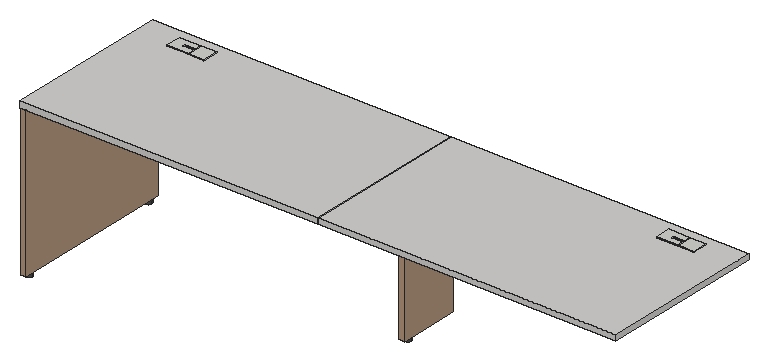
Revit family "Reception-Teknion-B_CWL_Main_Worksurface_with_One_Gable_Reception_Desk-R2019", category Furniture, Revit 2019
Family settings
  OmniClass Number = 23.40.20.00
  OmniClass Title = General Furniture and Specialties
  Work Plane-Based = No
  Always vertical = Yes
  Cut with Voids When Loaded = No
  Shared = Yes
  Room Calculation Point = No
Parameters (values of type "1" Thick WS, Both Ends Grommet")
  Worksurface Thickness = 1.016"
  Worksurface Finish [instance] = Foundation Laminate - Teknion - 2H - Soft Gris
  Warranty = "http://www.teknion.com/ca/papers/legal-canada"
  Unit Weight URL = "http://www.teknion.com/ca/tools/assets#&asset=bee6a381-b954-425e-8283-5a2de3a804f2,f828d448-4b62-4231-9e5f-9a8991c0ed77"
  URL = "www.teknion.com"
  To render please download texture images found here [instance] = "https://assets.teknion.com/web/5e81352c1dfdb467/revit-material-swatches/"
  Sustainability Data = "https://www.teknion.com/ca/tools/assets#&topic=216f99a5-57a0-44fc-b10a-9dee9b29ae4c&asset=444deb64-fe58-4b68-981e-f75e97781df7,b4ff2d81-9f2e-437d-9659-7cffb09c31cf"
  Split WS [instance] = Front Width > 85.000"  # yes
  Singular WS [instance] = Front Width < 85.000"  # no
  Series = "Expansion Casegoods"  # constant formula
  Product Page URL = "https://www.teknion.com/ca/products/product-details?productLineId=0053336e-8e7a-673b-a6c8-ff00004460c4"
  Product Line = "Expansion Casegoods"  # constant formula
  Product Documentation Link = "https://www.teknion.com/pricing/expansion-casegoods/pdfs/B_CWL_ppg.pdf"
  Part Number = "B_WCL"  # constant formula
  Model = "BDWCL____B_"
  Middle Gable [instance] = Front Width > 73.000"  # yes
  Manufacturer Phone = "416-661-3370"  # constant formula
  Manufacturer Fax = "416.661.4586"  # constant formula
  Manufacturer Contact Information = "http://www.teknion.com/ca/contactus"
  Manufacturer Address = "1150 Flint Road, Toronto, ON. M3J 2J5. Canada"  # constant formula
  Manufacturer = "Teknion"  # constant formula
  How To Use Teknion Materials User Guide [instance] = "https://assets.teknion.com/m/205dd0a49fa58060/original/How-to-add-a-Material-Library-and-Texture-Images-to-your-Revit-project.pdf"
  Has Centered Rectangular Grommet = no
  Has Both Ends = yes
  Grommet Finish [instance] = Paint - Teknion - Foundation - Soft Gris
  Gable Thickness = 1.016"
  Gable Finish [instance] = Source Laminate - Teknion - 3M - Provincial Oak
  Front Width [instance] = 108.000"
  For Additional Finishes please visit [instance] = "https://assets.teknion.com/m/44a8009b046e5d47/original/Teknion_Materials_Library.zip"
  Description = "Main Worksurface with One Gable - Reception Desk, 1\" Worksurface Thickness, Both Ends Grommet Option"
  Depth [instance] = 30.000"
  Available Widths [instance] = if(Has Centered Rectangular Grommet, "72, 90, 96, 102, 108, 114, 120, 126, 132, 138, or 144 inches.", "72, 78, 84, 90, 96, 102, 108, 114, 120, 126, 132, 138, or 144 inches.")  # "72, 78, 84, 90, 96, 102, 108, 114, 120, 126, 132, 138, or 144 inches."
  Available Depths [instance] = "20, 24, or 30 inches."  # constant formula
  Assembly Code = "E2020200"
  2D Connection Node Visibility [instance] = yes
Types (7): name | Worksurface Thickness | Model | Has Centered Rectangular Grommet | Has Both Ends | Gable Thickness | Description | Available Widths
  (no name) | 1.016" | "BDWCL____B_" | no | yes | 1.016" | "Main Worksurface with One Gable - Reception Desk, 1\" Worksurface Thickness, Both Ends Grommet Option" | "72, 78, 84, 90, 96, 102, 108, 114, 120, 126, 132, 138, or 144 inches."
  1" Thick WS, Centered Grommet | 1.016" | "BDWCL____C_" | yes | no | 1.016" | "Main Worksurface with One Gable - Reception Desk, 1\" Worksurface Thickness, Centered Grommet Option" | "72, 90, 96, 102, 108, 114, 120, 126, 132, 138, or 144 inches."
  1-3/16" Thick WS, Centered Grommet | 1.189" | "BMWCL____C_" | yes | no | 1.016" | "Main Worksurface with One Gable - Reception Desk, 1-3/16\" Worksurface Thickness, Centered Grommet Option" | "72, 90, 96, 102, 108, 114, 120, 126, 132, 138, or 144 inches."
  1-9/16" Thick WS, Centered Grommet | 1.555" | "BXWCL____C_" | yes | no | 1.512" | "Main Worksurface with One Gable - Reception Desk, 1-9/16\" Worksurface Thickness, Centered Grommet Option" | "72, 90, 96, 102, 108, 114, 120, 126, 132, 138, or 144 inches."
  1" Thick WS, Both Ends Grommet | 1.016" | "BDWCL____B_" | no | yes | 1.016" | "Main Worksurface with One Gable - Reception Desk, 1\" Worksurface Thickness, Both Ends Grommet Option" | "72, 78, 84, 90, 96, 102, 108, 114, 120, 126, 132, 138, or 144 inches."
  1-3/16" Thick WS, Both Ends Grommet | 1.189" | "BMWCL____B_" | no | yes | 1.016" | "Main Worksurface with One Gable - Reception Desk, 1-3/16\" Worksurface Thickness, Both Ends Grommet Option" | "72, 78, 84, 90, 96, 102, 108, 114, 120, 126, 132, 138, or 144 inches."
  1-9/16" Thick WS, Both Ends Grommet | 1.555" | "BXWCL____B_" | no | yes | 1.51181" | "Main Worksurface with One Gable - Reception Desk, 1-9/16\" Worksurface Thickness, Both Ends Grommet Option" | "72, 78, 84, 90, 96, 102, 108, 114, 120, 126, 132, 138, or 144 inches."
Reference planes (in)
  plane 1 "Center Front/Back": y = -3.95123
  plane 2: z = 0
  plane 3 "Center Left/Right": x = -0.63609
  plane 4 "Left": x = -54.63609
  plane 5 "Right": x = 53.36391
  plane 6 "Back": y = 11.04877
  plane 7 "Front": y = -18.95123
  plane 8 "Top": z = 27.80709
  plane 9: z = 28.82309
  plane 10: x = -27.63609
  plane 11: x = 26.36391
  plane 12: x = -54.12809
  plane 13: x = -53.62009
  plane 14: x = -1.14409
  plane 15: x = -0.12809
Forms (in)
  Sweep 1, solid, material "Foundation Laminate - Teknion - 2H - Soft Gris" <- "Worksurface Finish", visible <- "Split WS"
    path origin (0, -3.95123, 0) x (1, 0, 0) y (0, 0, 1)
      loop
        line (-0.63609, 27.80709) -> (-0.63609, 28.82309)
    profile origin (-0.63609, -3.95123, 28.31509) x (-1, 0, 0) y (0, -1, 0)
      loop
        line (54, -15) -> (54, 15) -> (0, 15) -> (0, -15) -> (54, -15)
  Sweep 2, solid, material "Foundation Laminate - Teknion - 2H - Soft Gris" <- "Worksurface Finish", visible <- "Split WS"
    path origin (54, -3.95123, 0) x (1, 0, 0) y (0, 0, 1)
      loop
        line (-0.63609, 27.80709) -> (-0.63609, 28.82309)
    profile origin (53.36391, -3.95123, 28.31509) x (-1, 0, 0) y (0, -1, 0)
      loop
        line (54, -15) -> (54, 15) -> (0, 15) -> (0, -15) -> (54, -15)
  Sweep 3, solid, material "Foundation Laminate - Teknion - 2H - Soft Gris" <- "Worksurface Finish", visible <- "Singular WS"
    path origin (0, -3.95123, 0) x (1, 0, 0) y (0, 0, 1)
      loop
        line (-0.63609, 27.80709) -> (-0.63609, 28.82309)
    profile origin (-0.63609, -3.95123, 28.31509) x (-1, 0, 0) y (0, -1, 0)
      loop
        line (54, -15) -> (54, 15) -> (-54, 15) -> (-54, -15) -> (54, -15)
  Sweep 4, solid, material "Paint - Teknion - Foundation - Soft Gris" <- "Grommet Finish", visible <- "Has Centered Rectangular Grommet"
    path origin (0, -3.95123, 0) x (1, 0, 0) y (0, 0, 1)
      loop
        line (-27.63609, 28.82309) -> (-27.63609, 28.9412)
    profile origin (-27.63609, -3.95123, 28.88214) x (-1, 0, 0) y (0, -1, 0)
      loop
        line (3.34449, -13.30512) -> (3.34449, -10.43504) -> (-0.47441, -10.43504) -> (-0.47441, -11.65748) -> (1.57283, -11.65748) -> (1.57283, -12.08268) -> (-0.47441, -12.08268) -> (-0.47441, -13.30512) -> (3.34449, -13.30512)
  Sweep 5, solid, material "Paint - Teknion - Foundation - Soft Gris" <- "Grommet Finish", visible <- "Has Centered Rectangular Grommet"
    path origin (0, -3.95123, 0) x (1, 0, 0) y (0, 0, 1)
      loop
        line (-25.76804, 28.82309) -> (-25.76804, 28.9412)
    profile origin (-25.76804, -3.95123, 28.88214) x (-1, 0, 0) y (0, -1, 0)
      loop
        line (1.39363, -13.30512) -> (1.39363, -10.43504) -> (-1.47645, -10.43504) -> (-1.47645, -13.30512) -> (1.39363, -13.30512)
  Sweep 6, solid, material "Paint - Teknion - Foundation - Soft Gris" <- "Grommet Finish", visible <- "Has Centered Rectangular Grommet"
    path origin (0, -3.95123, 0) x (1, 0, 0) y (0, 0, 1)
      loop
        line (26.36391, 28.82309) -> (26.36391, 28.9412)
    profile origin (26.36391, -3.95123, 28.88214) x (-1, 0, 0) y (0, -1, 0)
      loop
        line (3.34449, -13.30512) -> (3.34449, -10.43504) -> (-0.47441, -10.43504) -> (-0.47441, -11.65748) -> (1.57283, -11.65748) -> (1.57283, -12.08268) -> (-0.47441, -12.08268) -> (-0.47441, -13.30512) -> (3.34449, -13.30512)
  Sweep 7, solid, material "Paint - Teknion - Foundation - Soft Gris" <- "Grommet Finish", visible <- "Has Centered Rectangular Grommet"
    path origin (0, -3.95123, 0) x (1, 0, 0) y (0, 0, 1)
      loop
        line (28.27422, 28.82309) -> (28.27422, 28.9412)
    profile origin (28.27422, -3.95123, 28.88214) x (-1, 0, 0) y (0, -1, 0)
      loop
        line (-1.43418, -10.43504) -> (-1.43418, -13.30512) -> (1.43589, -13.30512) -> (1.43589, -10.43504) -> (-1.43418, -10.43504)
  Sweep 8, solid, material "Paint - Teknion - Foundation - Soft Gris" <- "Grommet Finish", visible <- "Has Both Ends"
    path origin (0, -3.95123, 0) x (1, 0, 0) y (0, 0, 1)
      loop
        line (-45.06265, 28.82309) -> (-45.06265, 28.94131)
    profile origin (-45.06265, -3.95123, 28.8822) x (-1, 0, 0) y (0, -1, 0)
      loop
        line (-0.54665, -13.30512) -> (-0.54665, -10.43504) -> (-3.41672, -10.43504) -> (-3.41672, -13.30512) -> (-0.54665, -13.30512)
  Sweep 9, solid, material "Paint - Teknion - Foundation - Soft Gris" <- "Grommet Finish", visible <- "Has Both Ends"
    path origin (0, -3.95123, 0) x (1, 0, 0) y (0, 0, 1)
      loop
        line (-46.30693, 28.82309) -> (-46.30693, 28.94131)
    profile origin (-46.30693, -3.95123, 28.8822) x (-1, 0, 0) y (0, -1, 0)
      loop
        line (2.02797, -13.30512) -> (2.02797, -10.43504) -> (-1.79092, -10.43504) -> (-1.79092, -11.65748) -> (0.25632, -11.65748) -> (0.25632, -12.08268) -> (-1.79092, -12.08268) -> (-1.79092, -13.30512) -> (2.02797, -13.30512)
  Sweep 10, solid, material "Paint - Teknion - Foundation - Soft Gris" <- "Grommet Finish", visible <- "Has Both Ends"
    path origin (0, -3.95123, 0) x (1, 0, 0) y (0, 0, 1)
      loop
        line (43.67306, 28.82309) -> (43.67306, 28.94131)
    profile origin (43.67306, -3.95123, 28.8822) x (-1, 0, 0) y (0, -1, 0)
      loop
        line (-0.51959, -12.08268) -> (-0.51959, -13.30512) -> (3.29931, -13.30512) -> (3.29931, -10.43504) -> (-0.51959, -10.43504) -> (-0.51959, -11.65748) -> (1.52765, -11.65748) -> (1.52765, -12.08268) -> (-0.51959, -12.08268)
  Sweep 11, solid, material "Paint - Teknion - Foundation - Soft Gris" <- "Grommet Finish", visible <- "Has Both Ends"
    path origin (0, -3.95123, 0) x (1, 0, 0) y (0, 0, 1)
      loop
        line (45.4684, 28.82309) -> (45.4684, 28.94131)
    profile origin (45.4684, -3.95123, 28.8822) x (-1, 0, 0) y (0, -1, 0)
      loop
        line (1.27574, -13.30512) -> (1.27574, -10.43504) -> (-1.59433, -10.43504) -> (-1.59433, -13.30512) -> (1.27574, -13.30512)
  Sweep 12, solid, material "Source Laminate - Teknion - 3M - Provincial Oak" <- "Gable Finish", visible <- "Middle Gable"
    path origin (0, 0, 0) x (1, 0, 0) y (0, 1, 0)
      loop
        line (-1.14409, 7.54877) -> (-0.12809, 7.54877)
    profile origin (-0.63609, 7.54877, 0) x (0, 1, 0) y (0, 0, 1)
      loop
        line (-7.5, 0.60236) -> (3.5, 0.60236) -> (3.5, 27.80709) -> (-7.5, 27.80709) -> (-7.5, 0.60236)
  Sweep 13, solid, material "Source Laminate - Teknion - 3M - Provincial Oak" <- "Gable Finish"
    path origin (0, 0, 0) x (1, 0, 0) y (0, 1, 0)
      loop
        line (-53.62009, -3.95123) -> (-54.63609, -3.95123)
    profile origin (-54.12809, -3.95123, 0) x (0, -1, 0) y (0, 0, 1)
      loop
        line (15, 0.60236) -> (15, 27.80709) -> (-15, 27.80709) -> (-15, 0.60236) -> (15, 0.60236)
  Sweep 14, solid, material "Plastic - Teknion - E - Ebony"
    path origin (0, -3.95123, 0) x (1, 0, 0) y (0, 0, 1)
      loop
        line (-27.63609, 0) -> (-27.63609, 0.60236)
    profile origin (-27.63609, -3.95123, 0.30118) x (-1, 0, 0) y (0, -1, 0)
      loop
        circle (26.49649, -13.49697) r 0.5
      loop
        circle (26.49649, 13.49697) r 0.5
  Sweep 15, solid, material "Plastic - Teknion - E - Ebony", visible <- "Middle Gable"
    path origin (0, -3.95123, 0) x (1, 0, 0) y (0, 0, 1)
      loop
        line (-0.63609, 0) -> (-0.63609, 0.60236)
    profile origin (-0.63609, -3.95123, 0.30118) x (-1, 0, 0) y (0, -1, 0)
      loop
        circle (0, -5.49839) r 0.5
Lines and regions (in)
  Masking region 1
    outline origin (0, 0, 0) x (1, 0, 0) y (0, 1, 0)
      loop
        line (-54.63609, 11.04877) -> (-54.63609, -18.95123) -> (53.36391, -18.95123) -> (53.36391, 11.04877) -> (-54.63609, 11.04877)
  symbolic lines, style "FurnitureHiddenLines", detail levels medium+fine
    curve 1: line (-53.62009, 11.04877, 0) -> (-53.62009, -18.95123, 0)
  symbolic lines, style "FurnitureHiddenLines", visible <- "Middle Gable", detail levels medium+fine
    curve 2: line (-0.12809, 0.04877, 0) -> (-0.12809, 11.04877, 0)
    curve 3: line (-1.14409, 0.04877, 0) -> (-0.12809, 0.04877, 0)
    curve 4: line (-1.14409, 0.04877, 0) -> (-1.14409, 11.04877, 0)
  symbolic lines, style "FurnitureHiddenLines", detail levels fine
    curve 5: arc (-53.63258, 9.54574, 0) -> (-54.13258, 9.04574, 0) -> (-54.63258, 9.54574, 0) r 0.5
    curve 6: arc (-54.63258, 9.54574, 0) -> (-54.13258, 10.04574, 0) -> (-53.63258, 9.54574, 0) r 0.5
    curve 7: arc (-54.63258, -17.4482, 0) -> (-54.13258, -16.9482, 0) -> (-53.63258, -17.4482, 0) r 0.5
    curve 8: arc (-53.63258, -17.4482, 0) -> (-54.13258, -17.9482, 0) -> (-54.63258, -17.4482, 0) r 0.5
  symbolic lines, style "Furniture", visible <- "Has Both Ends"
    curve 9: line (-44.51601, 9.35389, 0) -> (-48.33491, 9.35389, 0)
    curve 10: line (-44.51601, 9.35389, 0) -> (-44.51601, 6.48381, 0)
    curve 11: line (-48.33491, 6.48381, 0) -> (-44.51601, 6.48381, 0)
    curve 12: line (-44.51601, 7.70625, 0) -> (-46.56325, 7.70625, 0)
    curve 13: line (-46.56325, 7.70625, 0) -> (-46.56325, 8.13145, 0)
    curve 14: line (-46.56325, 8.13145, 0) -> (-44.51601, 8.13145, 0)
    curve 15: line (-48.33491, 9.35389, 0) -> (-48.33491, 6.48381, 0)
  symbolic lines, visible <- "Has Both Ends"
    curve 16: line (-41.64593, 9.35389, 0) -> (-44.51601, 9.35389, 0)
    curve 17: line (-41.64593, 6.48381, 0) -> (-41.64593, 9.35389, 0)
    curve 18: line (-44.51601, 6.48381, 0) -> (-41.64593, 6.48381, 0)
    curve 39: line (44.19265, 9.35389, 0) -> (40.37376, 9.35389, 0)
    curve 40: line (44.19265, 9.35389, 0) -> (44.19265, 6.48381, 0)
    curve 41: line (42.14541, 8.13145, 0) -> (44.19265, 8.13145, 0)
    curve 42: line (42.14541, 7.70625, 0) -> (42.14541, 8.13145, 0)
    curve 43: line (44.19265, 7.70625, 0) -> (42.14541, 7.70625, 0)
    curve 44: line (40.37376, 6.48381, 0) -> (44.19265, 6.48381, 0)
    curve 45: line (40.37376, 9.35389, 0) -> (40.37376, 6.48381, 0)
    curve 46: line (47.06273, 9.35389, 0) -> (44.19265, 9.35389, 0)
    curve 47: line (47.06273, 6.48381, 0) -> (47.06273, 9.35389, 0)
    curve 48: line (44.19265, 6.48381, 0) -> (47.06273, 6.48381, 0)
  symbolic lines, visible <- "Has Centered Rectangular Grommet"
    curve 19: line (-27.16168, 9.35389, 0) -> (-27.16168, 6.48381, 0)
    curve 20: line (-29.20892, 8.13145, 0) -> (-27.16168, 8.13145, 0)
    curve 21: line (-29.20892, 7.70625, 0) -> (-29.20892, 8.13145, 0)
    curve 22: line (-27.16168, 7.70625, 0) -> (-29.20892, 7.70625, 0)
    curve 23: line (-30.98058, 6.48381, 0) -> (-27.16168, 6.48381, 0)
    curve 24: line (-30.98058, 9.35389, 0) -> (-30.98058, 6.48381, 0)
    curve 25: line (-27.16168, 9.35389, 0) -> (-30.98058, 9.35389, 0)
    curve 26: line (-24.2916, 9.35389, 0) -> (-27.16168, 9.35389, 0)
    curve 27: line (-24.2916, 6.48381, 0) -> (-24.2916, 9.35389, 0)
    curve 28: line (-27.16168, 6.48381, 0) -> (-24.2916, 6.48381, 0)
    curve 29: line (26.83832, 9.35389, 0) -> (23.01942, 9.35389, 0)
    curve 30: line (23.01942, 9.35389, 0) -> (23.01942, 6.48381, 0)
    curve 31: line (23.01942, 6.48381, 0) -> (26.83832, 6.48381, 0)
    curve 32: line (26.83832, 9.35389, 0) -> (26.83832, 6.48381, 0)
    curve 33: line (24.79108, 8.13145, 0) -> (26.83832, 8.13145, 0)
    curve 34: line (24.79108, 7.70625, 0) -> (24.79108, 8.13145, 0)
    curve 35: line (26.83832, 7.70625, 0) -> (24.79108, 7.70625, 0)
    curve 36: line (29.7084, 9.35389, 0) -> (26.83832, 9.35389, 0)
    curve 37: line (29.7084, 6.48381, 0) -> (29.7084, 9.35389, 0)
    curve 38: line (26.83832, 6.48381, 0) -> (29.7084, 6.48381, 0)
  symbolic lines, visible <- "Split WS"
    curve 49: line (-0.63609, 11.04877, 0) -> (-0.63609, -18.95123, 0)
  reference lines
    curve 50: line (-54.63609, 11.04877, 0) -> (53.36391, 11.04877, 0)
    curve 51: line (-54.63609, 11.04877, 0) -> (-54.63609, -18.95123, 0)
    curve 52: line (-54.63609, -18.95123, 0) -> (53.36391, -18.95123, 0)
    curve 53: line (53.36391, 11.04877, 0) -> (53.36391, -18.95123, 0)
  symbolic lines, style "FurnitureHiddenLines", visible <- "Middle Gable", detail levels fine
    curve 54: arc (-1.13609, 1.54716, 0) -> (-0.63609, 2.04716, 0) -> (-0.13609, 1.54716, 0) r 0.5
    curve 55: arc (-0.13609, 1.54716, 0) -> (-0.63609, 1.04716, 0) -> (-1.13609, 1.54716, 0) r 0.5
Dimensions and locks (in)
  "Front Width": plane 4 "Left" to plane 5 "Right"
  equal spacing: plane 6 "Back", plane 1 "Center Front/Back", plane 7 "Front"
  locked: plane 8 "Top" to level at 27.80709
  equal spacing: plane 4 "Left", plane 3 "Center Left/Right", plane 5 "Right"
  "Depth": plane 6 "Back" to plane 7 "Front"
  "Worksurface Thickness": plane 9 to plane 8 "Top"
  equal spacing: plane 4 "Left", plane 10, plane 3 "Center Left/Right"
  equal spacing: plane 3 "Center Left/Right", plane 11, plane 5 "Right"
  locked: Sweep 4 sketch curve to plane 9 at 0.11811
  Sweep 4 sketch curve to Sweep 4 sketch curve to plane 10 to Sweep 4 sketch curve to Sweep 4 sketch curve = 1.77165" locked, 1.57283" locked, 0.47441" locked, 0.000" locked
  plane 6 "Back" to Sweep 4 sketch curve to Sweep 4 sketch curve to Sweep 4 sketch curve to Sweep 4 sketch curve = 1.69488" locked, 1.22244" locked, 0.4252" locked, 1.22244" locked
  locked: Sweep 5 sketch curve to plane 9 at 0.11811
  plane 10 to Sweep 5 sketch curve to Sweep 5 sketch curve = 0.47441" locked, 2.87008" locked
  plane 6 "Back" to Sweep 5 sketch curve to Sweep 5 sketch curve = 1.69488" locked, 2.87008" locked
  locked: Sweep 6 sketch curve to plane 9 at 0.11811
  Sweep 6 sketch curve to Sweep 6 sketch curve to plane 11 to Sweep 6 sketch curve to Sweep 6 sketch curve = 1.77165" locked, 1.57283" locked, 0.47441" locked, 0.000" locked
  plane 6 "Back" to Sweep 6 sketch curve to Sweep 6 sketch curve to Sweep 6 sketch curve to Sweep 6 sketch curve = 1.69488" locked, 1.22244" locked, 0.4252" locked, 1.22244" locked
  locked: Sweep 7 sketch curve to plane 9 at 0.11811
  plane 11 to Sweep 7 sketch curve to Sweep 7 sketch curve = 0.47441" locked, 2.87008" locked
  plane 6 "Back" to Sweep 7 sketch curve to Sweep 7 sketch curve = 1.69488" locked, 2.87008" locked
  locked: Sweep 8 sketch curve to plane 9 at 0.11823
  plane 4 "Left" to Sweep 8 sketch curve to Sweep 8 sketch curve = 10.12008" locked, 2.87008" locked
  plane 6 "Back" to Sweep 8 sketch curve to Sweep 8 sketch curve = 1.69488" locked, 2.87008" locked
  locked: Sweep 9 sketch curve to plane 9 at 0.11823
  plane 4 "Left" to Sweep 9 sketch curve to Sweep 9 sketch curve to Sweep 9 sketch curve to Sweep 9 sketch curve = 6.30118" locked, 1.77165" locked, 2.04724" locked, 0.000" locked
  plane 6 "Back" to Sweep 9 sketch curve to Sweep 9 sketch curve to Sweep 9 sketch curve to Sweep 9 sketch curve = 1.69488" locked, 1.22244" locked, 0.4252" locked, 1.22244" locked
  locked: Sweep 10 sketch curve to plane 9 at 0.11823
  Sweep 10 sketch curve to Sweep 10 sketch curve to Sweep 10 sketch curve to plane 5 "Right" = 3.8189" locked, 0.000" locked, 9.17126" locked
  plane 6 "Back" to Sweep 10 sketch curve to Sweep 10 sketch curve to Sweep 10 sketch curve to Sweep 10 sketch curve = 1.69488" locked, 1.22244" locked, 0.4252" locked, 1.22244" locked
  locked: Sweep 11 sketch curve to plane 9 at 0.11823
  Sweep 11 sketch curve to Sweep 11 sketch curve to plane 5 "Right" = 2.87008" locked, 6.30118" locked
  plane 6 "Back" to Sweep 11 sketch curve to Sweep 11 sketch curve = 1.69488" locked, 2.87008" locked
  locked: Sweep 12 sketch curve to plane 6 "Back" at 11
  locked: Sweep 12 sketch curve to level at 0.60236
  "Gable Thickness": plane 4 "Left" to Sweep 13 sketch curve
  locked: Sweep 13 sketch curve to level at 0.60236
  locked: Sweep 14 sketch curve to level at 0.60236
  locked: plane 6 "Back" to Sweep 14 sketch curve at 1.50303
  locked: Sweep 14 sketch curve to plane 12 at 0.00449  (x2)
  locked: plane 7 "Front" to Sweep 14 sketch curve at 1.50303
  locked: Sweep 15 sketch curve to level at 0.60236
  locked: plane 6 "Back" to Sweep 15 sketch curve at 9.50161
  locked: plane 3 "Center Left/Right" to Sweep 15 sketch curve at 0
  equal spacing: plane 4 "Left", plane 12, plane 13
  "Gable Thickness": plane 4 "Left" to plane 13
  equal spacing: plane 14, plane 3 "Center Left/Right", plane 15
  "Gable Thickness": plane 14 to plane 15
  aligned and locked: level to plane 2
  aligned and locked: plane 8 "Top" to Sweep 1 sketch curve
  aligned and locked: plane 9 to Sweep 1 sketch curve
  aligned and locked: Sweep 1 sketch curve to plane 4 "Left"
  aligned and locked: Sweep 1 sketch curve to plane 6 "Back"
  aligned and locked: Sweep 1 sketch curve to plane 3 "Center Left/Right"
  aligned and locked: Sweep 1 sketch curve to plane 7 "Front"
  aligned and locked: Sweep 2 sketch curve to plane 3 "Center Left/Right"
  aligned and locked: Sweep 2 sketch curve to plane 6 "Back"
  aligned and locked: plane 5 "Right" to Sweep 2 sketch curve
  aligned and locked: plane 7 "Front" to Sweep 2 sketch curve
  aligned and locked: plane 9 to Sweep 2 sketch curve
  aligned and locked: plane 8 "Top" to Sweep 2 sketch curve
  aligned and locked: plane 8 "Top" to Sweep 3 sketch curve
  aligned and locked: plane 9 to Sweep 3 sketch curve
  aligned and locked: plane 3 "Center Left/Right" to Sweep 3 sketch curve
  aligned and locked: Sweep 3 sketch curve to plane 6 "Back"
  aligned and locked: Sweep 3 sketch curve to plane 4 "Left"
  aligned and locked: Sweep 3 sketch curve to plane 7 "Front"
  aligned and locked: plane 5 "Right" to Sweep 3 sketch curve
  aligned and locked: plane 9 to Sweep 4 sketch curve
  aligned and locked: plane 9 to Sweep 5 sketch curve
  aligned and locked: plane 9 to Sweep 6 sketch curve
  aligned and locked: plane 9 to Sweep 7 sketch curve
  aligned and locked: plane 9 to Sweep 8 sketch curve
  aligned and locked: plane 9 to Sweep 9 sketch curve
  aligned and locked: plane 9 to Sweep 10 sketch curve
  aligned and locked: plane 9 to Sweep 11 sketch curve
  aligned and locked: plane 6 "Back" to Sweep 12 sketch curve
  aligned and locked: plane 8 "Top" to Sweep 12 sketch curve
  aligned and locked: plane 4 "Left" to Sweep 13 sketch curve
  aligned and locked: plane 7 "Front" to Sweep 13 sketch curve
  aligned and locked: Sweep 13 sketch curve to plane 6 "Back"
  aligned and locked: Sweep 13 sketch curve to plane 8 "Top"
  aligned and locked: level to Sweep 14 sketch curve
  aligned and locked: level to Sweep 15 sketch curve
  aligned and locked: Masking region 1 sketch curve to plane 4 "Left"
  aligned and locked: Masking region 1 sketch curve to plane 6 "Back"
  aligned and locked: Masking region 1 sketch curve to plane 7 "Front"
  aligned and locked: Masking region 1 sketch curve to plane 5 "Right"
  aligned and locked: curve 1 to Sweep 13
  aligned and locked: curve 2 to Sweep 12
  aligned and locked: curve 3 to Sweep 12
  aligned and locked: curve 4 to Sweep 12
  aligned and locked: curve 5 to Sweep 14
  aligned and locked: curve 6 to Sweep 14
  aligned and locked: curve 7 to Sweep 14
  aligned and locked: curve 8 to Sweep 14
  aligned and locked: curve 9 to Sweep 9
  aligned and locked: curve 10 to Sweep 8
  aligned and locked: curve 11 to Sweep 9
  aligned and locked: curve 12 to Sweep 9
  aligned and locked: curve 13 to Sweep 9
  aligned and locked: curve 14 to Sweep 9
  aligned and locked: curve 15 to Sweep 9
  aligned and locked: curve 16 to Sweep 8
  aligned and locked: curve 17 to Sweep 8
  aligned and locked: curve 18 to Sweep 8
  aligned and locked: curve 19 to Sweep 5
  aligned and locked: curve 20 to Sweep 4
  aligned and locked: curve 21 to Sweep 4
  aligned and locked: curve 22 to Sweep 4
  aligned and locked: curve 23 to Sweep 4
  aligned and locked: curve 24 to Sweep 4
  aligned and locked: curve 25 to Sweep 4
  aligned and locked: curve 26 to Sweep 5
  aligned and locked: curve 27 to Sweep 5
  aligned and locked: curve 28 to Sweep 5
  aligned and locked: curve 29 to Sweep 6
  aligned and locked: curve 30 to Sweep 6
  aligned and locked: curve 31 to Sweep 6
  aligned and locked: curve 32 to Sweep 7
  aligned and locked: curve 33 to Sweep 6
  aligned and locked: curve 34 to Sweep 6
  aligned and locked: curve 35 to Sweep 6
  aligned and locked: curve 36 to Sweep 7
  aligned and locked: curve 37 to Sweep 7
  aligned and locked: curve 38 to Sweep 7
  aligned and locked: curve 39 to Sweep 10
  aligned and locked: curve 40 to Sweep 11
  aligned and locked: curve 41 to Sweep 10
  aligned and locked: curve 42 to Sweep 10
  aligned and locked: curve 43 to Sweep 10
  aligned and locked: curve 44 to Sweep 10
  aligned and locked: curve 45 to Sweep 10
  aligned and locked: curve 46 to Sweep 11
  aligned and locked: curve 47 to Sweep 11
  aligned and locked: curve 48 to Sweep 11
  aligned and locked: curve 49 to Sweep 2
  aligned and locked: curve 50 to plane 6 "Back"
  aligned and locked: curve 51 to plane 4 "Left"
  aligned and locked: curve 52 to plane 7 "Front"
  aligned and locked: curve 53 to plane 5 "Right"
  aligned and locked: curve 54 to Sweep 15
  aligned and locked: curve 55 to Sweep 15
  aligned and locked: nested 1 to plane 6 "Back"
  aligned and locked: nested 1 to plane 5 "Right"
  aligned and locked: plane 7 "Front" to nested 2
  aligned and locked: nested 2 to plane 5 "Right"
  aligned and locked: nested 3 to plane 7 "Front"
  aligned and locked: nested 3 to plane 4 "Left"
  aligned and locked: nested 4 to plane 6 "Back"
  aligned and locked: plane 4 "Left" to nested 4
  aligned and locked: plane 14 to Sweep 12 sketch curve
  aligned and locked: plane 15 to Sweep 12 sketch curve
Automatic sketch dimensions
  Sweep 1 sketch curve to plane 3 "Center Left/Right" = 0.000"
  plane 5 "Right" to Sweep 2 sketch curve = 0.000"
  Sweep 4 sketch curve to plane 10 = 0.000"
  plane 10 to Sweep 5 sketch curve = 1.86804"
  Sweep 6 sketch curve to plane 11 = 0.000"
  plane 11 to Sweep 7 sketch curve = 1.9103"
  plane 4 "Left" to Sweep 8 sketch curve = 9.57343"
  plane 4 "Left" to Sweep 9 sketch curve = 8.32916"
  plane 5 "Right" to Sweep 10 sketch curve = 9.69085"
  Sweep 10 sketch curve to profile plane = 1.52765"
  plane 5 "Right" to Sweep 11 sketch curve = 7.89552"
  Sweep 13 sketch curve to plane 1 "Center Front/Back" = 0.000"
  Sweep 14 sketch curve to plane 10 = 0.000"
  Sweep 15 sketch curve to plane 3 "Center Left/Right" = 0.000"
  plane 7 "Front" to curve 1 = 0.000"
  curve 1 to plane 6 "Back" = 0.000"
  curve 2 to plane 6 "Back" = 0.000"
  curve 4 to plane 6 "Back" = 0.000"
  plane 7 "Front" to curve 49 = 0.000"
  curve 49 to plane 6 "Back" = 0.000"
  Sweep 12 sketch curve to plane 6 "Back" = 3.500"
  radius of Sweep 14 sketch curve = 0.500"  (x2)
  radius of Sweep 15 sketch curve = 0.500"
Nested families (in)
  nested 1: "Teknion_2D_Node_Family-R2016" at (53.36391, 11.04877, 0), visible <- "2D Connection Node Visibility", type "Teknion_2D_Node_Family-R2016"
  nested 2: "Teknion_2D_Node_Family-R2016" at (53.36391, -18.95123, 0), visible <- "2D Connection Node Visibility", type "Teknion_2D_Node_Family-R2016"
  nested 3: "Teknion_2D_Node_Family-R2016" at (-54.63609, -18.95123, 0), visible <- "2D Connection Node Visibility", type "Teknion_2D_Node_Family-R2016"
  nested 4: "Teknion_2D_Node_Family-R2016" at (-54.63609, 11.04877, 0), visible <- "2D Connection Node Visibility", type "Teknion_2D_Node_Family-R2016"
Definition of nested family "Teknion_2D_Node_Family-R2016"
  Reference planes (in)
    plane 1 "Center (Front/Back)": y = 0
    plane 2: z = 0
    plane 3 "Center (Left/Right)": x = 0
  Lines and regions (in)
    detail lines, in view "Ref. Level"
      curve 1: circle (0, 0, 0) r 1.25 normal (0, 0, 1)
      curve 2: line (1.91508, -1.91508, 0) -> (-1.91508, 1.91508, 0)
      curve 3: line (-1.91508, -1.91508, 0) -> (1.91508, 1.91508, 0)
